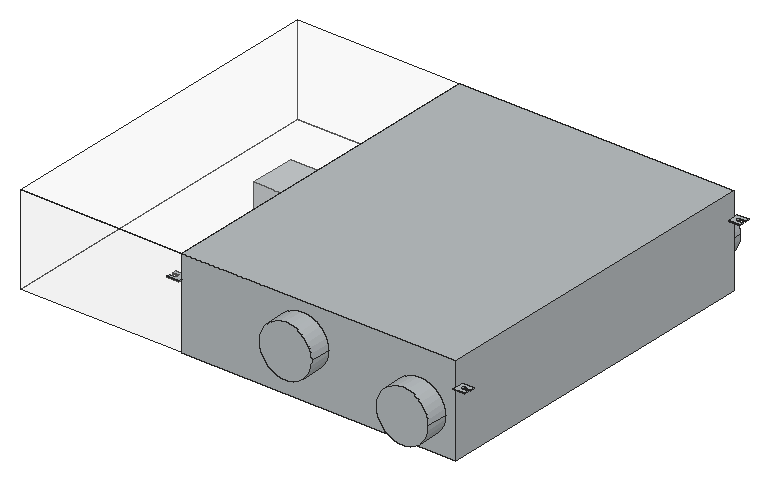
Revit family "lgh-n50_100rkx2(d)_rks2(d)_50Hz", category 機械設備, Revit 2019
Family settings
  丸型コネクタ寸法 = 直径を使用
  パーツ タイプ = 標準
  OmniClass 番号 = 23.75.10.34.21
  OmniClass タイトル = Heat Exchangers for Ventilation Air
  作業面ベース = いいえ
  常に垂直 = はい
  ロード時にボイドで切り取り = いいえ
  共有 = いいえ
  部屋計算ポイント = はい
Parameters (values of type "LGH-N50RKS2")
  騒音レベル(dB(A)) = 34.5
  風量 = MAX風量  # 500.0 m³/h
  面風速 = 4.4 m/s
  電源種別 [instance] = ""
  電圧 = 100 V
  電動機出力 = 0 W
  集中コントローラ = ""
  運転質量 = 0.00 kg
  連動 [instance] = ""
  質量 = if(製品質量 > 運転質量, 製品質量, 運転質量) * 1.2  # 60.00 kg
  負荷分類 = 3_ファン類
  説明 = "業務用ロスナイ 天井埋込形加湿付"
  設計風量 = 0.0 m³/h
  設置方法 = "天井吊(隠ぺい)形"
  記号 [instance] = ""
  製造元 = "三菱電機株式会社"
  製品質量 = 50.00 kg
  製品出荷対象 = "国内"
  製品リリース年月 = "2015/1/30"
  製品グループ = ""
  給水管_D = 358 mm
  給水管_H = 92 mm
  給水管_Depth = 10 mm
  系統 [instance] = ""
  符号 = "HEU"
  積算_科目 = "1 空気調和設備"
  積算_拾い区分 [instance] = ""
  相 = 1
  盤記号 [instance] = ""
  発停方法 [instance] = ""
  特殊仕様 [instance] = ""
  点検口高さ = -Height  # -331 mm
  点検口離隔 = 150 mm
  点検口2_Width = 点検口2_Depth  # 450 mm
  点検口1_Width = 点検口1_Depth  # 450 mm
  点検口2_Depth = 450 mm
  点検口1_Depth = 450 mm
  点検口1_Center = 444 mm
  点検口 = yes
  火災停止 [instance] = ""
  温度交換効率 = 74.00%
  消費電力_加湿器 = 0 W
  消費電力 = 285 W
  法定耐用年数 = "15"
  機外静圧_排気 = 105.0 Pa
  機外静圧 = 105.0 Pa
  極数 = 2
  材質 [instance] = ""
  本体マテリアル = 溶融亜鉛めっき鋼板
  有効加湿量 = 1.4
  操作・制御方式 = ""
  操作・制御スイッチ = ""
  排気量 = 0.0 m³/h
  形式_加湿器 = ""
  形式 = "天井埋込ダクト形"
  幹線記号 [instance] = ""
  対象室 [instance] = ""
  実風量 = 0.0 m³/h
  始動方式 [instance] = "直入"
  天吊金具_径 = 6.5 mm
  天吊金具_幅 = 20 mm
  外気量 = 設計風量  # 0.0 m³/h
  呼称 = "全熱交換ユニット"
  周波数 = 50 Hz
  吊りボルトピッチ2 = 1275 mm
  吊りボルトピッチ1 = 1064 mm
  吊りボルト_高さ = 85 mm
  参照している仕様書等のバージョン = ""
  加湿給水管径 = 21.7 mm
  初期抵抗 = 0.0 Pa
  分類コード = "50052504100070"
  分類グループ = ""
  価格 = 497000
  企業コード = "108420"
  付属品_フィルター_還気 = ""
  付属品_フィルター = ""
  付属品 [instance] = ""
  仕様書バージョン = "Version1.0"
  モデル = "LGH-N50RKS2"
  メンテナンススペース = yes
  ドレン管径 = 32 mm
  ドレン管_D = 307 mm
  ドレン管_H = 25 mm
  ドレン管_Depth = 10 mm
  コメント [instance] = ""
  Keynote = ""
  エンタルピ交換効率_暖房 = 68.50%
  エンタルピ交換効率_冷房 = 68.00%
  Assembly Code = ""
  Width = 1016 mm
  Version = ""
  Uniclass2015Version = "Systems v1.9"
  Uniclass2015Title = "Thermal wheels"
  Uniclass2015Code = "Pr_60_60_36_88"
  URL = "https://www.mitsubishielectric.co.jp/ldg/wink/ssl/displayProduct.do?pid=254501"
  SpecificationReference = ""
  SpecificationDescription = ""
  SMAX風量 = 500.0 m³/h
  SMAX静圧 = 105.0 Pa
  SAサイズ_W = 0 mm
  SAサイズ_D = 192 mm
  Revision = ""
  RAサイズ_W = 0 mm
  RAサイズ_D = 192 mm
  ProductInformation = ""
  OmniClassCode = "23-27 23 19 11"
  OAダクト接続口方向_標準 = yes
  OAダクト接続口方向_変更 = not(OAダクト接続口方向_標準)  # no
  OAサイズ_W = 0 mm
  OAサイズ_D = 192 mm
  MIN風量 = 235.0 m³/h
  MIN静圧 = 12.0 Pa
  MID風量 = 380.0 m³/h
  MID静圧 = 50.0 Pa
  MAX風量 = 500.0 m³/h
  MAX静圧 = 90.0 Pa
  IfcTypeProduct = ""
  IfcProduct = ""
  IfcExportType = "ROTARYWHEEL"
  IfcExportAs = "IfcAirToAirHeatRecoveryType"
  Height = 331 mm
  EAダクト接続口方向_標準 = yes
  EAダクト接続口方向_変更 = not(EAダクト接続口方向_標準)  # no
  EAサイズ_W = 0 mm
  EAサイズ_D = 192 mm
  Duct_Width_RA = 373 mm
  Duct_Pitch_SA_RA = 434 mm
  Duct_Pitch_OA_EA = 745 mm
  Duct_Height_SA = 199 mm
  Duct_Height = 135 mm
  Duct_Depth = 79 mm
  Duct_Change_Center = 124 mm
  Depth = 1288 mm
  Clearance Top = 0 mm
  Clearance Left = 600 mm
  Clearance Bottom = 0 mm
  Box_Depth = 172 mm
  Box_Height = 262 mm
  Box_H = 12 mm
  Box_Width = 115 mm
  Box_D = 476 mm
  Author = "三菱電機株式会社"
Types (16, lengths in mm): name | 騒音レベル(dB(A)) | 風量 | 面風速 | 電圧 | 質量 | 製品質量 | 給水管_D | 給水管_H | 点検口高さ | 点検口1_Center | 温度交換効率 | 消費電力 | 機外静圧_排気 | 機外静圧 | 極数 | 有効加湿量 | 天吊金具_径 | 天吊金具_幅 | 吊りボルトピッチ2 | 吊りボルトピッチ1 | 吊りボルト_高さ | 参照している仕様書等のバージョン | 価格 | モデル | ドレン管_D | ドレン管_H | エンタルピ交換効率_暖房 | エンタルピ交換効率_冷房 | Width | URL | SMAX風量 | SMAX静圧 | SAサイズ_D | RAサイズ_D | OAサイズ_D | MIN風量 | MIN静圧 | MID風量 | MID静圧 | MAX風量 | MAX静圧 | Height | EAサイズ_D | Duct_Width_RA | Duct_Pitch_SA_RA | Duct_Pitch_OA_EA | Duct_Height_SA | Duct_Height | Duct_Change_Center | Depth | Clearance Top | Box_H | Box_D
  LGH-N50RKS2 | 34.5 | 500.0 m³/h | 4.4 m/s | 100 V | 60.00 kg | 50.00 kg | 358 | 92 | -331 | 444 | 74.00% | 285 W | 105.0 Pa | 105.0 Pa | 2 | 1.4 | 6.5 | 20 | 1275 | 1064 | 85 | "" | 497000 | "LGH-N50RKS2" | 307 | 25 | 68.50% | 68.00% | 1016 | "https://www.mitsubishielectric.co.jp/ldg/wink/ssl/displayProduct.do?pid=254501" | 500.0 m³/h | 105.0 Pa | 192 | 192 | 192 | 235.0 m³/h | 12.0 Pa | 380.0 m³/h | 50.0 Pa | 500.0 m³/h | 90.0 Pa | 331 | 192 | 373 | 434 | 745 | 199 | 135 | 124 | 1288 | 0 | 12 | 476
  LGH-N50RKS2D | 34.5 | 500.0 m³/h | 4.4 m/s | 200 V | 60.00 kg | 50.00 kg | 358 | 92 | -331 | 444 | 74.00% | 283 W | 105.0 Pa | 105.0 Pa | 3 | 1.4 | 6.5 | 20 | 1275 | 1064 | 85 | "" | 497000 | "LGH-N50RKS2D" | 307 | 25 | 68.50% | 68.00% | 1016 | "https://www.mitsubishielectric.co.jp/ldg/wink/ssl/displayProduct.do?pid=254502" | 500.0 m³/h | 105.0 Pa | 192 | 192 | 192 | 210.0 m³/h | 10.0 Pa | 340.0 m³/h | 45.0 Pa | 500.0 m³/h | 90.0 Pa | 331 | 192 | 373 | 434 | 745 | 199 | 135 | 124 | 1288 | 0 | 12 | 476
  LGH-N50RKX2 | 34.5 | 500.0 m³/h | 4.4 m/s | 100 V | 60.00 kg | 50.00 kg | 358 | 92 | -331 | 444 | 74.00% | 285 W | 105.0 Pa | 105.0 Pa | 2 | 1.4 | 6.5 | 20 | 1275 | 1064 | 85 | "公共建築工事標準仕様書（機械設備工事編）平成31年度版" | 704000 | "LGH-N50RKX2" | 307 | 25 | 68.50% | 68.00% | 1016 | "https://www.mitsubishielectric.co.jp/ldg/wink/ssl/displayProduct.do?pid=254503" | 500.0 m³/h | 105.0 Pa | 192 | 192 | 192 | 235.0 m³/h | 12.0 Pa | 380.0 m³/h | 50.0 Pa | 500.0 m³/h | 90.0 Pa | 331 | 192 | 373 | 434 | 745 | 199 | 135 | 124 | 1288 | 0 | 12 | 476
  LGH-N50RKX2D | 34.5 | 500.0 m³/h | 4.4 m/s | 200 V | 60.00 kg | 50.00 kg | 358 | 92 | -331 | 444 | 74.00% | 283 W | 105.0 Pa | 105.0 Pa | 3 | 1.4 | 6.5 | 20 | 1275 | 1064 | 85 | "公共建築工事標準仕様書（機械設備工事編）平成31年度版" | 704000 | "LGH-N50RKX2D" | 307 | 25 | 68.50% | 68.00% | 1016 | "https://www.mitsubishielectric.co.jp/ldg/wink/ssl/displayProduct.do?pid=254504" | 500.0 m³/h | 105.0 Pa | 192 | 192 | 192 | 210.0 m³/h | 10.0 Pa | 340.0 m³/h | 45.0 Pa | 500.0 m³/h | 90.0 Pa | 331 | 192 | 373 | 434 | 745 | 199 | 135 | 124 | 1288 | 0 | 12 | 476
  LGH-N65RKS2 | 36.5 | 650.0 m³/h | 5.7 m/s | 100 V | 81.60 kg | 68.00 kg | 385 | 159 | -404 | 454 | 73.00% | 375 W | 135.0 Pa | 135.0 Pa | 2 | 1.84 | 6.5 | 30 | 1300 | 985 | 401 | "" | 564000 | "LGH-N65RKS2" | 190 | 23 | 68.50% | 67.50% | 954 | "https://www.mitsubishielectric.co.jp/ldg/wink/ssl/displayProduct.do?pid=254483" | 650.0 m³/h | 135.0 Pa | 192 | 192 | 192 | 280.0 m³/h | 21.0 Pa | 550.0 m³/h | 82.0 Pa | 650.0 m³/h | 115.0 Pa | 404 | 192 | 345 | 470 | 692 | 187 | 202 | 124 | 1390 | 300 | 13 | 543
  LGH-N65RKS2D | 36.5 | 650.0 m³/h | 5.7 m/s | 200 V | 81.60 kg | 68.00 kg | 385 | 159 | -404 | 454 | 73.00% | 375 W | 135.0 Pa | 135.0 Pa | 3 | 1.84 | 6.5 | 30 | 1300 | 985 | 401 | "" | 564000 | "LGH-N65RKS2D" | 190 | 23 | 68.50% | 67.50% | 954 | "https://www.mitsubishielectric.co.jp/ldg/wink/ssl/displayProduct.do?pid=254482" | 650.0 m³/h | 135.0 Pa | 192 | 192 | 192 | 265.0 m³/h | 19.0 Pa | 580.0 m³/h | 92.0 Pa | 650.0 m³/h | 115.0 Pa | 404 | 192 | 345 | 470 | 692 | 187 | 202 | 124 | 1390 | 300 | 13 | 543
  LGH-N65RKX2 | 36.5 | 650.0 m³/h | 5.7 m/s | 100 V | 81.60 kg | 68.00 kg | 385 | 159 | -404 | 454 | 73.00% | 375 W | 135.0 Pa | 135.0 Pa | 2 | 1.84 | 6.5 | 30 | 1300 | 985 | 401 | "公共建築工事標準仕様書（機械設備工事編）平成31年度版" | 797000 | "LGH-N65RKX2" | 190 | 23 | 68.50% | 67.50% | 954 | "https://www.mitsubishielectric.co.jp/ldg/wink/ssl/displayProduct.do?pid=254481" | 650.0 m³/h | 135.0 Pa | 192 | 192 | 192 | 280.0 m³/h | 21.0 Pa | 550.0 m³/h | 82.0 Pa | 650.0 m³/h | 115.0 Pa | 404 | 192 | 345 | 470 | 692 | 187 | 202 | 124 | 1390 | 300 | 13 | 543
  LGH-N65RKX2D | 36.5 | 650.0 m³/h | 5.7 m/s | 200 V | 81.60 kg | 68.00 kg | 385 | 159 | -404 | 454 | 73.00% | 375 W | 135.0 Pa | 135.0 Pa | 3 | 1.84 | 6.5 | 30 | 1300 | 985 | 401 | "公共建築工事標準仕様書（機械設備工事編）平成31年度版" | 797000 | "LGH-N65RKX2D" | 190 | 23 | 68.50% | 67.50% | 954 | "https://www.mitsubishielectric.co.jp/ldg/wink/ssl/displayProduct.do?pid=254480" | 650.0 m³/h | 135.0 Pa | 192 | 192 | 192 | 265.0 m³/h | 19.0 Pa | 580.0 m³/h | 92.0 Pa | 650.0 m³/h | 115.0 Pa | 404 | 192 | 345 | 470 | 692 | 187 | 202 | 124 | 1390 | 300 | 13 | 543
  LGH-N80RKS2 | 34.5 | 800.0 m³/h | 4.5 m/s | 100 V | 93.60 kg | 78.00 kg | 385 | 173 | -404 | 572 | 75.00% | 420 W | 135.0 Pa | 135.0 Pa | 2 | 2.21 | 7.5 | 30 | 1465 | 1043 | 401 | "" | 622000 | "LGH-N80RKS2" | 190 | 23 | 71.00% | 70.00% | 1004 | "https://www.mitsubishielectric.co.jp/ldg/wink/ssl/displayProduct.do?pid=254479" | 800.0 m³/h | 135.0 Pa | 242 | 242 | 242 | 280.0 m³/h | 15.0 Pa | 680.0 m³/h | 87.0 Pa | 800.0 m³/h | 120.0 Pa | 404 | 242 | 345 | 400 | 690 | 217 | 202 | 165 | 1572 | 300 | 126 | 571
  LGH-N80RKS2D | 34.5 | 800.0 m³/h | 4.5 m/s | 200 V | 93.60 kg | 78.00 kg | 385 | 173 | -404 | 572 | 75.00% | 445 W | 135.0 Pa | 135.0 Pa | 3 | 2.21 | 7.5 | 30 | 1465 | 1043 | 401 | "" | 622000 | "LGH-N80RKS2D" | 190 | 23 | 71.00% | 70.00% | 1004 | "https://www.mitsubishielectric.co.jp/ldg/wink/ssl/displayProduct.do?pid=254478" | 800.0 m³/h | 135.0 Pa | 242 | 242 | 242 | 320.0 m³/h | 19.0 Pa | 470.0 m³/h | 42.0 Pa | 800.0 m³/h | 120.0 Pa | 404 | 242 | 345 | 400 | 690 | 217 | 202 | 165 | 1572 | 300 | 126 | 571
  LGH-N80RKX2 | 34.5 | 800.0 m³/h | 4.5 m/s | 100 V | 93.60 kg | 78.00 kg | 385 | 173 | -404 | 572 | 75.00% | 420 W | 135.0 Pa | 135.0 Pa | 2 | 2.21 | 7.5 | 30 | 1465 | 1043 | 401 | "公共建築工事標準仕様書（機械設備工事編）平成31年度版" | 882000 | "LGH-N80RKX2" | 190 | 23 | 71.00% | 70.00% | 1004 | "https://www.mitsubishielectric.co.jp/ldg/wink/ssl/displayProduct.do?pid=254477" | 800.0 m³/h | 135.0 Pa | 242 | 242 | 242 | 280.0 m³/h | 15.0 Pa | 680.0 m³/h | 87.0 Pa | 800.0 m³/h | 120.0 Pa | 404 | 242 | 345 | 400 | 690 | 217 | 202 | 165 | 1572 | 300 | 126 | 571
  LGH-N80RKX2D | 34.5 | 800.0 m³/h | 4.5 m/s | 200 V | 93.60 kg | 78.00 kg | 385 | 173 | -404 | 572 | 75.00% | 445 W | 135.0 Pa | 135.0 Pa | 3 | 2.21 | 7.5 | 30 | 1465 | 1043 | 401 | "公共建築工事標準仕様書（機械設備工事編）平成31年度版" | 882000 | "LGH-N80RKX2D" | 190 | 23 | 71.00% | 70.00% | 1004 | "https://www.mitsubishielectric.co.jp/ldg/wink/ssl/displayProduct.do?pid=254476" | 800.0 m³/h | 135.0 Pa | 242 | 242 | 242 | 320.0 m³/h | 19.0 Pa | 470.0 m³/h | 42.0 Pa | 800.0 m³/h | 120.0 Pa | 404 | 242 | 345 | 400 | 690 | 217 | 202 | 165 | 1572 | 300 | 126 | 571
  LGH-N100RKS2-50 | 36 | 1000.0 m³/h | 5.7 m/s | 100 V | 108.00 kg | 90.00 kg | 385 | 173 | -404 | 572 | 75.00% | 530 W | 100.0 Pa | 100.0 Pa | 2 | 2.8 | 7.5 | 30 | 1465 | 1270 | 401 | "" | 755000 | "LGH-N100RKS2-50" | 190 | 23 | 71.00% | 70.00% | 1231 | "https://www.mitsubishielectric.co.jp/ldg/wink/ssl/displayProduct.do?pid=254474" | 1000.0 m³/h | 100.0 Pa | 242 | 242 | 242 | 370.0 m³/h | 11.0 Pa | 790.0 m³/h | 50.0 Pa | 1000.0 m³/h | 80.0 Pa | 404 | 242 | 459 | 560 | 917 | 237 | 162 | 165 | 1572 | 300 | 126 | 571
  LGH-N100RKS2D-50 | 36 | 1000.0 m³/h | 5.7 m/s | 200 V | 108.00 kg | 90.00 kg | 385 | 173 | -404 | 572 | 75.00% | 525 W | 100.0 Pa | 100.0 Pa | 3 | 2.8 | 7.5 | 30 | 1465 | 1270 | 401 | "" | 755000 | "LGH-N100RKS2D-50" | 190 | 23 | 71.00% | 70.00% | 1231 | "https://www.mitsubishielectric.co.jp/ldg/wink/ssl/displayProduct.do?pid=254484" | 1000.0 m³/h | 100.0 Pa | 242 | 242 | 242 | 400.0 m³/h | 14.0 Pa | 790.0 m³/h | 50.0 Pa | 1000.0 m³/h | 80.0 Pa | 404 | 242 | 459 | 560 | 917 | 237 | 162 | 165 | 1572 | 300 | 126 | 571
  LGH-N100RKX2-50 | 36 | 1000.0 m³/h | 5.7 m/s | 100 V | 108.00 kg | 90.00 kg | 385 | 173 | -404 | 572 | 75.00% | 530 W | 100.0 Pa | 100.0 Pa | 2 | 2.8 | 7.5 | 30 | 1465 | 1270 | 401 | "" | 1062000 | "LGH-N100RKX2-50" | 190 | 23 | 71.00% | 70.00% | 1231 | "https://www.mitsubishielectric.co.jp/ldg/wink/ssl/displayProduct.do?pid=254486" | 1000.0 m³/h | 100.0 Pa | 242 | 242 | 242 | 370.0 m³/h | 11.0 Pa | 790.0 m³/h | 50.0 Pa | 1000.0 m³/h | 80.0 Pa | 404 | 242 | 459 | 560 | 917 | 237 | 162 | 165 | 1572 | 300 | 126 | 571
  LGH-N100RKX2D-50 | 36 | 1000.0 m³/h | 5.7 m/s | 200 V | 108.00 kg | 90.00 kg | 385 | 173 | -404 | 572 | 75.00% | 525 W | 100.0 Pa | 100.0 Pa | 3 | 2.8 | 7.5 | 30 | 1465 | 1270 | 401 | "" | 1062000 | "LGH-N100RKX2D-50" | 190 | 23 | 71.00% | 70.00% | 1231 | "https://www.mitsubishielectric.co.jp/ldg/wink/ssl/displayProduct.do?pid=254488" | 1000.0 m³/h | 100.0 Pa | 242 | 242 | 242 | 400.0 m³/h | 14.0 Pa | 790.0 m³/h | 50.0 Pa | 1000.0 m³/h | 80.0 Pa | 404 | 242 | 459 | 560 | 917 | 237 | 162 | 165 | 1572 | 300 | 126 | 571
Reference planes
  plane 1 "中心(正面/背面)": y = 0
  plane 2: z = 0
  plane 3 "中心(左/右)": x = 0
  plane 4: x = -508
  plane 5: x = 508
  plane 6: y = 644
  plane 7: y = -644
  plane 8: z = -331
  plane 9: z = -196
  plane 10: z = -132
  plane 11: x = 373
  plane 12: x = -61
  plane 13: y = -723
  plane 14: y = 723
  plane 15: x = -372.5
  plane 16: x = 372.5
  plane 17: y = -168
  plane 18: z = -12
  plane 19: y = 4
  plane 20: z = -274
  plane 21: x = -623
  plane 22: y = -337
  plane 23: y = -286
  plane 24: z = -306
  plane 25: z = -239
  plane 26: x = -518
  plane 27: x = -518
  plane 28: y = 520
  plane 29: x = -587
  plane 30: x = 587
  plane 31: x = -1108
  plane 32: z = -331
  plane 33: y = -194
  plane 34: x = -658
  plane 35: y = 425
  plane 36: x = -532
  plane 37: x = 532
  plane 38: y = -637.5
  plane 39: y = 637.5
  plane 40: y = 200
  plane 41: y = -25
  plane 42: x = -552
  plane 43: x = 552
  plane 44: y = 617.5
  plane 45: y = 657.5
  plane 46: z = -85
  plane 47: z = -88
  plane 48: y = -617.5
  plane 49: y = -657.5
  plane 50: z = 0
Forms (mm)
  Extrusion 1, solid, material "溶融亜鉛めっき鋼板" <- "本体マテリアル", detail levels fine
    sketch origin (0, 0, 0) x (1, 0, 0) y (0, 1, 0)
      loop
        line (-508, 644) -> (-508, -644) -> (508, -644) -> (508, 644) -> (-508, 644)
    from 0 to -331
  Extrusion 2, solid, material "溶融亜鉛めっき鋼板" <- "本体マテリアル", detail levels fine
    sketch origin (0, 0, 0) x (1, 0, 0) y (0, 0, 1)
      loop
        circle (-61, -132) r 96
    from 644 to 723
  Extrusion 3, solid, material "溶融亜鉛めっき鋼板" <- "本体マテリアル", visible <- "OAダクト接続口方向_標準", detail levels fine
    sketch origin (0, 0, 0) x (1, 0, 0) y (0, 0, 1)
      loop
        circle (-372.5, -196) r 96
    from -723 to -644
  Extrusion 4, solid, material "溶融亜鉛めっき鋼板" <- "本体マテリアル", visible <- "EAダクト接続口方向_標準", detail levels fine
    sketch origin (0, 0, 0) x (1, 0, 0) y (0, 0, 1)
      loop
        circle (372.5, -196) r 96
    from -723 to -644
  Extrusion 5, solid, material "溶融亜鉛めっき鋼板" <- "本体マテリアル", detail levels fine
    sketch origin (0, 0, 0) x (0, 1, 0) y (0, 0, 1)
      loop
        line (-168, -12) -> (-168, -274) -> (4, -274) -> (4, -12) -> (-168, -12)
    from -623 to -508
  Extrusion 6, solid, material "溶融亜鉛めっき鋼板" <- "本体マテリアル", detail levels fine
    sketch origin (0, 0, 0) x (0, 1, 0) y (0, 0, 1)
      loop
        circle (-337, -306) r 16
    from -518 to -508
  Extrusion 7, solid, material "溶融亜鉛めっき鋼板" <- "本体マテリアル", detail levels fine
    sketch origin (0, 0, 0) x (0, 1, 0) y (0, 0, 1)
      loop
        circle (-286, -239) r 10.85
    from -518 to -508
  Extrusion 8, solid, material "溶融亜鉛めっき鋼板" <- "本体マテリアル", visible <- "OAダクト接続口方向_変更", detail levels fine
    sketch origin (0, 0, 0) x (0, 1, 0) y (0, 0, 1)
      loop
        circle (520, -196) r 96
    from -587 to -508
  Extrusion 9, solid, material "溶融亜鉛めっき鋼板" <- "本体マテリアル", visible <- "EAダクト接続口方向_変更", detail levels fine
    sketch origin (0, 0, 0) x (0, 1, 0) y (0, 0, 1)
      loop
        circle (520, -196) r 96
    from 508 to 587
  Extrusion 10, solid, material "溶融亜鉛めっき鋼板" <- "本体マテリアル", detail levels fine
    sketch origin (0, 0, 0) x (1, 0, 0) y (0, 1, 0)
      loop
        line (-508, 657.5) -> (-552, 657.5) -> (-552, 644) -> (-532, 644)
        arc (-532, 644) -> (-525.5, 637.5) -> (-532, 631) r 6.5
        line (-532, 631) -> (-552, 631) -> (-552, 617.5) -> (-508, 617.5) -> (-508, 657.5)
    from -85 to -88
  Extrusion 11, solid, material "溶融亜鉛めっき鋼板" <- "本体マテリアル", detail levels fine
    sketch origin (0, 0, 0) x (-1, 0, 0) y (0, -1, 0)
      loop
        line (-508, -657.5) -> (-508, -617.5) -> (-552, -617.5) -> (-552, -631) -> (-532, -631)
        arc (-532, -631) -> (-525.5, -637.5) -> (-532, -644) r 6.5
        line (-532, -644) -> (-552, -644) -> (-552, -657.5) -> (-508, -657.5)
    from -85 to -88
  Extrusion 12, solid, material "溶融亜鉛めっき鋼板" <- "本体マテリアル", detail levels fine
    sketch origin (0, 0, 0) x (-1, 0, 0) y (0, -1, 0)
      loop
        line (-508, 657.5) -> (-552, 657.5) -> (-552, 644) -> (-532, 644)
        arc (-532, 644) -> (-525.5, 637.5) -> (-532, 631) r 6.5
        line (-532, 631) -> (-552, 631) -> (-552, 617.5) -> (-508, 617.5) -> (-508, 657.5)
    from -85 to -88
  Extrusion 13, solid, material "溶融亜鉛めっき鋼板" <- "本体マテリアル", detail levels fine
    sketch origin (0, 0, 0) x (1, 0, 0) y (0, 1, 0)
      loop
        line (-508, -657.5) -> (-508, -617.5) -> (-552, -617.5) -> (-552, -631) -> (-532, -631)
        arc (-532, -631) -> (-525.5, -637.5) -> (-532, -644) r 6.5
        line (-532, -644) -> (-552, -644) -> (-552, -657.5) -> (-508, -657.5)
    from -85 to -88
  Extrusion 14, solid, material "溶融亜鉛めっき鋼板" <- "本体マテリアル", detail levels fine
    sketch origin (0, 0, 0) x (1, 0, 0) y (0, 0, 1)
      loop
        circle (373, -196) r 96
    from 644 to 723
Lines and regions (mm)
  Masking region 1, detail levels coarse+medium
    outline origin (0, 0, 0) x (1, 0, 0) y (0, 1, 0)
      loop
        line (-508, 644) -> (-508, -644) -> (508, -644) -> (508, 644) -> (-508, 644)
  symbolic lines, detail levels coarse+medium
    curve 1: line (-1.977, 641.477, 0) -> (-508, 0, 0)
    curve 2: line (-508, 0, 0) -> (1.977, -641.477, 0)
    curve 3: line (1.977, -641.477, 0) -> (508, 0, 0)
    curve 4: line (508, 0, 0) -> (-1.977, 641.477, 0)
Dimensions and locks
  equal spacing: plane 4, plane 3 "中心(左/右)", plane 5
  "Width": plane 4 to plane 5
  equal spacing: plane 6, plane 1 "中心(正面/背面)", plane 7
  "Depth": plane 6 to plane 7
  "Height": level to plane 8
  "Duct_Height": plane 9 to plane 8
  "Duct_Height_SA": plane 10 to plane 8
  "Duct_Width_RA": plane 11 to plane 3 "中心(左/右)"
  "Duct_Pitch_SA_RA": plane 11 to plane 12
  "Duct_Depth": plane 7 to plane 13
  "Duct_Depth": plane 6 to plane 14
  equal spacing: plane 15, plane 3 "中心(左/右)", plane 16
  "Duct_Pitch_OA_EA": plane 15 to plane 16
  "Box_D": plane 17 to plane 7
  "Box_Depth": plane 19 to plane 17
  "Box_Height": plane 18 to plane 20
  "Box_Width": plane 21 to plane 4
  "ドレン管_D": plane 22 to plane 7
  "給水管_D": plane 23 to plane 7
  "ドレン管_H": plane 8 to plane 24
  "給水管_H": plane 8 to plane 25
  "給水管_Depth": plane 26 to plane 4
  "ドレン管_Depth": plane 27 to plane 4
  "Duct_Change_Center": plane 6 to plane 28
  "Duct_Depth": plane 29 to plane 4
  "Duct_Depth": plane 5 to plane 30
  "Clearance Left": plane 31 to plane 4
  "点検口2_Depth": plane 33 to plane 7
  "点検口離隔": plane 34 to plane 4
  equal spacing: plane 36, plane 3 "中心(左/右)", plane 37
  "吊りボルトピッチ1": plane 36 to plane 37
  equal spacing: plane 39, plane 1 "中心(正面/背面)", plane 38
  "吊りボルトピッチ2": plane 39 to plane 38
  "点検口1_Center": plane 6 to plane 40
  equal spacing: plane 41, plane 40, plane 35
  "点検口1_Depth": plane 35 to plane 41
  "天吊金具_幅": plane 42 to plane 36
  "天吊金具_幅": plane 37 to plane 43
  locked: plane 45 to plane 44 at 40
  equal spacing: plane 45, plane 39, plane 44
  "吊りボルト_高さ": level to plane 46
  locked: plane 46 to plane 47 at 3
  locked: plane 49 to plane 48 at 40
  equal spacing: plane 49, plane 38, plane 48
  "Box_H": level to plane 18
  "Clearance Bottom": plane 8 to plane 32
  "Clearance Top": plane 50 to level
  "SAサイズ_D": diameter of Extrusion 2 sketch curve
  "OAサイズ_D": diameter of Extrusion 3 sketch curve
  "EAサイズ_D": diameter of Extrusion 4 sketch curve
  "ドレン管径": diameter of Extrusion 6 sketch curve
  "加湿給水管径": diameter of Extrusion 7 sketch curve
  "OAサイズ_D": diameter of Extrusion 8 sketch curve
  "EAサイズ_D": diameter of Extrusion 9 sketch curve
  "天吊金具_径": radius of Extrusion 10 sketch curve
  "天吊金具_径": radius of Extrusion 11 sketch curve
  "天吊金具_径": radius of Extrusion 12 sketch curve
  "天吊金具_径": radius of Extrusion 13 sketch curve
  "RAサイズ_D": diameter of Extrusion 14 sketch curve
  aligned and locked: level to plane 2
  aligned and locked: Masking region 1 to plane 7
  aligned and locked: Masking region 1 to plane 4
  aligned and locked: plane 6 to Masking region 1
  aligned and locked: plane 5 to Masking region 1
  aligned and locked: Extrusion 1 to plane 8
  aligned and locked: plane 7 to Extrusion 2
  aligned and locked: Extrusion 4 to plane 14
  aligned and locked: Extrusion 3 to plane 14
  aligned and locked: Extrusion 3 to plane 6
  aligned and locked: Extrusion 4 to plane 6
  aligned and locked: Extrusion 5 to plane 21
  aligned and locked: Extrusion 5 to plane 20
  aligned and locked: plane 17 to Extrusion 5
  aligned and locked: Extrusion 5 to plane 19
  aligned and locked: plane 18 to Extrusion 5
  aligned and locked: plane 4 to Extrusion 7
  aligned and locked: Extrusion 7 to plane 26
  aligned and locked: Extrusion 6 to plane 27
  aligned and locked: plane 4 to Extrusion 6
  aligned and locked: Extrusion 8 to plane 29
  aligned and locked: plane 4 to Extrusion 8
  aligned and locked: plane 30 to Extrusion 9
  aligned and locked: Extrusion 9 to plane 5
  aligned and locked: plane 32 to nested 1
  aligned and locked: plane 4 to nested 1
  aligned and locked: plane 31 to nested 1
  aligned and locked: nested 1 to plane 6
  aligned and locked: nested 1 to plane 7
  aligned and locked: plane 37 to nested 2
  aligned and locked: plane 39 to nested 2
  aligned and locked: nested 2 to plane 38
  aligned and locked: plane 36 to nested 2
  aligned and locked: plane 34 to nested 3
  aligned and locked: nested 3 to plane 35
  aligned and locked: plane 34 to nested 4
  aligned and locked: plane 7 to nested 4
  aligned and locked: plane 33 to nested 4
  aligned and locked: plane 41 to nested 3
  aligned and locked: Extrusion 10 to plane 42  (x2)
  aligned and locked: Extrusion 10 to plane 45
  aligned and locked: Extrusion 10 to plane 44
  aligned and locked: Extrusion 10 to Masking region 1
  aligned and locked: Extrusion 10 to plane 46
  aligned and locked: Extrusion 10 to plane 47
  aligned and locked: Extrusion 11 to plane 43  (x2)
  aligned and locked: Extrusion 11 to plane 45
  aligned and locked: Extrusion 11 to plane 44
  aligned and locked: Extrusion 11 to Masking region 1
  aligned and locked: Extrusion 12 to plane 49
  aligned and locked: Extrusion 12 to plane 48
  aligned and locked: Extrusion 13 to plane 49
  aligned and locked: Extrusion 13 to plane 42  (x2)
  aligned and locked: Extrusion 13 to plane 48
  aligned and locked: Extrusion 13 to Masking region 1
  aligned and locked: Extrusion 13 to Extrusion 10  (x2)
  aligned and locked: Extrusion 12 to plane 47
  aligned and locked: plane 46 to Extrusion 12
  aligned and locked: plane 46 to Extrusion 11
  aligned and locked: Extrusion 11 to plane 47
  aligned and locked: Extrusion 5 to Masking region 1
  aligned and locked: Extrusion 2 to plane 13
  aligned and locked: Extrusion 2 to Extrusion 14
  aligned and locked: Extrusion 14 to Masking region 1
  aligned and locked: plane 50 to nested 1
Automatic sketch dimensions
  plane 1 "中心(正面/背面)" to curve 1 = 0 mm
  curve 1 to plane 4 = 0 mm
  plane 1 "中心(正面/背面)" to curve 4 = 0 mm
  curve 4 to plane 5 = 0 mm
  curve 4 to plane 3 "中心(左/右)" = 1.977 mm
  plane 3 "中心(左/右)" to curve 3 = 1.977 mm
  plane 7 to curve 3 = 2.523 mm
  curve 4 to plane 6 = 2.523 mm
  Masking region 1 sketch curve to plane 4 = 0 mm
  Masking region 1 sketch curve to plane 5 = 0 mm
  Masking region 1 sketch curve to plane 7 = 0 mm
  Masking region 1 sketch curve to plane 6 = 0 mm
  Extrusion 1 sketch curve to plane 4 = 0 mm
  Extrusion 1 sketch curve to plane 5 = 0 mm
  Extrusion 1 sketch curve to plane 7 = 0 mm
  Extrusion 1 sketch curve to plane 6 = 0 mm
  Extrusion 2 sketch curve to plane 10 = 0 mm
  Extrusion 2 sketch curve to plane 12 = 0 mm
  Extrusion 3 sketch curve to plane 9 = 0 mm
  plane 15 to Extrusion 3 sketch curve = 0 mm
  Extrusion 4 sketch curve to plane 9 = 0 mm
  plane 16 to Extrusion 4 sketch curve = 0 mm
  Extrusion 5 sketch curve to plane 17 = 0 mm
  Extrusion 5 sketch curve to plane 19 = 0 mm
  Extrusion 5 sketch curve to plane 20 = 0 mm
  Extrusion 5 sketch curve to plane 18 = 0 mm
  Extrusion 6 sketch curve to plane 22 = 0 mm
  plane 24 to Extrusion 6 sketch curve = 0 mm
  Extrusion 7 sketch curve to plane 23 = 0 mm
  plane 25 to Extrusion 7 sketch curve = 0 mm
  Extrusion 8 sketch curve to plane 9 = 0 mm
  Extrusion 8 sketch curve to plane 28 = 0 mm
  Extrusion 9 sketch curve to plane 9 = 0 mm
  Extrusion 9 sketch curve to plane 28 = 0 mm
  Extrusion 14 sketch curve to plane 9 = 0 mm
  Extrusion 14 sketch curve to plane 11 = 0 mm
  Extrusion 10 sketch curve to plane 42 = 0 mm  (x2)
  Extrusion 10 sketch curve to plane 36 = 0 mm
  Extrusion 10 sketch curve to plane 4 = 0 mm
  Extrusion 10 sketch curve to plane 44 = 0 mm
  Extrusion 10 sketch curve to plane 39 = 0 mm
  plane 45 to Extrusion 10 sketch curve = 0 mm
  Extrusion 11 sketch curve to plane 43 = 0 mm  (x2)
  Extrusion 11 sketch curve to plane 37 = 0 mm
  Extrusion 11 sketch curve to plane 5 = 0 mm
  Extrusion 11 sketch curve to plane 44 = 0 mm
  Extrusion 11 sketch curve to plane 39 = 0 mm
  plane 45 to Extrusion 11 sketch curve = 0 mm
  Extrusion 12 sketch curve to plane 43 = 0 mm  (x2)
  Extrusion 12 sketch curve to plane 37 = 0 mm
  Extrusion 12 sketch curve to plane 5 = 0 mm
  plane 48 to Extrusion 12 sketch curve = 0 mm
  Extrusion 12 sketch curve to plane 38 = 0 mm
  Extrusion 12 sketch curve to plane 49 = 0 mm
  Extrusion 13 sketch curve to plane 42 = 0 mm  (x2)
  Extrusion 13 sketch curve to plane 36 = 0 mm
  Extrusion 13 sketch curve to plane 4 = 0 mm
  plane 48 to Extrusion 13 sketch curve = 0 mm
  Extrusion 13 sketch curve to plane 38 = 0 mm
  Extrusion 13 sketch curve to plane 49 = 0 mm
Nested families
  nested 1: "メンテナンススペース" at (-808, 0, -165.5), visible <- "メンテナンススペース", type "メンテナンススペース"
    with Width 600 mm, Height 331 mm, Depth 1288 mm
  nested 2: "固定点" at (-532, -637.5, 0), type "固定点"
    with W 1064 mm, D 1275 mm
  nested 3: "点検口設置範囲" at (-883, 200, -331), Width <- "点検口1_Width", built-in parameter 1001364 <- "点検口高さ", visible <- "点検口", type "点検口設置範囲"
    with Width 450 mm, Depth 450 mm
  nested 4: "点検口設置範囲" at (-883, -419, -331), Width <- "点検口2_Width", built-in parameter 1001364 <- "点検口高さ", visible <- "点検口", type "点検口設置範囲"
    with Width 450 mm, Depth 450 mm
Connectors
  electrical at (-565.5, -168, -143), driven by "極数", driven by "負荷分類", driven by "電圧", driven by "消費電力"
    settings: on Extrusion 5, index 1, voltage 100 V, apparent load 285 VA, apparent load phase1 0 VA, apparent load phase2 0 VA, apparent load phase3 0 VA, power factor 1, load classification "3_ファン類", number of poles 2, system type 30, power factor state 1, is connector primary yes, connector utility no, sub classification motor no, connector description ""
  piping at (-518, -286, -239), diameter 21.7, driven by "加湿給水管径"
    settings: on Extrusion 7, index 3, connector inside diameter 609.6 mm, connector length 0 mm, flow factor 0, pipe flow 0.0 L/s, pressure drop 0.0 Pa, fitting loss kfactor 0, connector angle 0.00°, fixture units 0, engagement length 0 mm, angle of deflection 0.00°, flow configuration 0, flow direction 1, fitting loss method 0, system type 19, joint type 0, gender type 0, connector reference index -1, connector utility 0, adjustable connector no, is connector primary yes, connector description ""
  piping at (-518, -337, -306), diameter 32, driven by "ドレン管径"
    settings: on Extrusion 6, index 5, connector inside diameter 609.6 mm, connector length 0 mm, flow factor 0, pipe flow 0.0 L/s, pressure drop 0.0 Pa, fitting loss kfactor 0, connector angle 0.00°, fixture units 0, engagement length 0 mm, angle of deflection 0.00°, flow configuration 0, flow direction 2, fitting loss method 0, system type 16, joint type 0, gender type 0, connector reference index -1, connector utility 0, adjustable connector no, is connector primary no, connector description ""
  hvac at (-61, -723, -132), driven by "SAサイズ_D", driven by "MAX静圧", driven by "風量"
    settings: on Extrusion 2, index 6, duct flow 500.0 m³/h, flow factor 0, pres drop 90.0 Pa, loss coef 0, conn angle 0.00°, conn width 304.8 mm, conn height 304.8 mm, conn diameter 192 mm, duct sys type 1, conn prof type 0, flow config 1, flow direction 2, loss method 4, conn ref index -1, conn util no, is conn primary yes, conn desc ""
  hvac at (372.5, 723, -196), driven by "機外静圧_排気", driven by "排気量", driven by "EAサイズ_D"
    settings: on Extrusion 4, index 8, duct flow 0.0 m³/h, flow factor 0, pres drop 105.0 Pa, loss coef 0, conn angle 0.00°, conn width 304.8 mm, conn height 304.8 mm, conn diameter 192 mm, duct sys type 3, conn prof type 0, flow config 0, flow direction 2, loss method 4, conn ref index -1, conn util no, is conn primary no, conn desc ""
  hvac at (-372.5, 723, -196), driven by "機外静圧", driven by "外気量", driven by "OAサイズ_D"
    settings: on Extrusion 3, index 9, duct flow 0.0 m³/h, flow factor 0, pres drop 105.0 Pa, loss coef 0, conn angle 0.00°, conn width 304.8 mm, conn height 304.8 mm, conn diameter 192 mm, duct sys type 4, conn prof type 0, flow config 0, flow direction 1, loss method 4, conn ref index -1, conn util no, is conn primary no, conn desc ""
  hvac at (-587, 520, -196), driven by "OAサイズ_D", driven by "機外静圧", driven by "風量"
    settings: on Extrusion 8, index 10, duct flow 500.0 m³/h, flow factor 0, pres drop 105.0 Pa, loss coef 0, conn angle 0.00°, conn width 304.8 mm, conn height 304.8 mm, conn diameter 192 mm, duct sys type 3, conn prof type 0, flow config 0, flow direction 1, loss method 4, conn ref index -1, conn util no, is conn primary no, conn desc ""
  hvac at (587, 520, -196), driven by "EAサイズ_D", driven by "機外静圧_排気", driven by "排気量"
    settings: on Extrusion 9, index 11, duct flow 0.0 m³/h, flow factor 0, pres drop 105.0 Pa, loss coef 0, conn angle 0.00°, conn width 304.8 mm, conn height 304.8 mm, conn diameter 192 mm, duct sys type 3, conn prof type 0, flow config 0, flow direction 2, loss method 4, conn ref index -1, conn util no, is conn primary no, conn desc ""
  hvac at (373, -723, -196), driven by "RAサイズ_D", driven by "機外静圧", driven by "風量"
    settings: on Extrusion 14, index 12, duct flow 500.0 m³/h, flow factor 0, pres drop 105.0 Pa, loss coef 0, conn angle 0.00°, conn width 304.8 mm, conn height 304.8 mm, conn diameter 192 mm, duct sys type 2, conn prof type 0, flow config 0, flow direction 1, loss method 4, conn ref index -1, conn util no, is conn primary no, conn desc ""
Definition of nested family "メンテナンススペース"
  Parameters (values of type "メンテナンススペース")
    Width [instance] = 500 mm
    Height [instance] = 500 mm
    Depth [instance] = 500 mm
  Reference planes
    plane 1 "中心(正面/背面)": y = 0
    plane 2: z = 0
    plane 3 "中心(左/右)": x = 0
    plane 4: y = -250
    plane 5: x = 250
    plane 6: y = 250
    plane 7: x = -250
    plane 8: z = 250
    plane 9: z = -250
  Forms (mm)
    Extrusion 1, solid
      sketch origin (-638.939, 0, 72.39) x (1, 0, 0) y (0, 1, 0)
        loop
          line (388.939, 250) -> (388.939, -250) -> (888.939, -250) -> (888.939, 250) -> (388.939, 250)
      from -322.39 to 177.61
  Lines and regions (mm)
    symbolic lines
      curve 1: line (-250, 0, 250) -> (250, 0, 250)
      curve 2: line (-250, 0, -250) -> (-250, 0, 250)
      curve 3: line (250, 0, -250) -> (-250, 0, -250)
      curve 4: line (250, 0, 250) -> (250, 0, -250)
      curve 5: line (0, -250, 250) -> (0, 250, 250)
      curve 6: line (0, -250, -250) -> (0, -250, 250)
      curve 7: line (0, 250, -250) -> (0, -250, -250)
      curve 8: line (0, 250, 250) -> (0, 250, -250)
      curve 9: line (-250, 250, 0) -> (250, 250, 0)
      curve 10: line (-250, -250, 0) -> (-250, 250, 0)
      curve 11: line (250, -250, 0) -> (-250, -250, 0)
      curve 12: line (250, 250, 0) -> (250, -250, 0)
  Dimensions and locks
    equal spacing: plane 7, plane 3 "中心(左/右)", plane 5
    equal spacing: plane 4, plane 1 "中心(正面/背面)", plane 6
    "Depth": plane 4 to plane 6
    "Width": plane 7 to plane 5
    equal spacing: plane 8, plane 2, plane 9
    "Height": plane 8 to plane 9
    aligned and locked: plane 9 to curve 3
    aligned and locked: plane 7 to curve 2
    aligned and locked: curve 4 to plane 5
    aligned and locked: plane 5 to Extrusion 1
    aligned and locked: Extrusion 1 to plane 7
    aligned and locked: Extrusion 1 to plane 9
    aligned and locked: plane 8 to Extrusion 1
    aligned and locked: plane 9 to curve 7
  Automatic sketch dimensions
    plane 4 to Extrusion 1 sketch curve = 0 mm
    Extrusion 1 sketch curve to plane 7 = 0 mm
    Extrusion 1 sketch curve to plane 5 = 0 mm
    plane 6 to Extrusion 1 sketch curve = 0 mm
    curve 2 to plane 8 = 0 mm
    plane 4 to curve 11 = 0 mm
    curve 11 to plane 7 = 0 mm
    curve 11 to plane 5 = 0 mm
    plane 6 to curve 10 = 0 mm
    curve 7 to plane 4 = 0 mm
    curve 7 to plane 6 = 0 mm
    curve 6 to plane 8 = 0 mm
Definition of nested family "固定点"
  Parameters (values of type "固定点")
    中心円 = 20 mm
    W [instance] = 1000 mm
    D [instance] = 1000 mm
  Reference planes
    plane 1 "中心(正面/背面)": y = 0
    plane 2: z = 0
    plane 3 "中心(左/右)": x = 0
    plane 4: x = 1000
    plane 5: y = 1000
  Lines and regions (mm)
    symbolic lines, detail levels fine
      curve 1: circle (0, 1000, 0) r 10 normal (0, 0, 1)
      curve 2: circle (0, 0, 0) r 10 normal (0, 0, 1)
      curve 3: circle (1000, 1000, 0) r 10 normal (0, 0, 1)
      curve 4: circle (1000, 0, 0) r 10 normal (0, 0, 1)
      curve 5: line (-200, 1000, 0) -> (1200, 1000, 0)
      curve 6: line (-200, 0, 0) -> (1200, 0, 0)
      curve 7: line (0, 1200, 0) -> (0, -200, 0)
      curve 8: line (1000, 1200, 0) -> (1000, -200, 0)
  Dimensions and locks
    "W": plane 3 "中心(左/右)" to plane 4
    "D": plane 1 "中心(正面/背面)" to plane 5
    "中心円": diameter of curve 1
    "中心円": diameter of curve 2
    "中心円": diameter of curve 3
    "中心円": diameter of curve 4
    aligned and locked: level to plane 2
    aligned and locked: plane 5 to curve 1
    aligned and locked: plane 3 "中心(左/右)" to curve 1
    aligned and locked: plane 3 "中心(左/右)" to curve 2
    aligned and locked: plane 1 "中心(正面/背面)" to curve 2
    aligned and locked: plane 4 to curve 3
    aligned and locked: plane 5 to curve 3
    aligned and locked: plane 1 "中心(正面/背面)" to curve 4
    aligned and locked: plane 4 to curve 4
    aligned and locked: plane 1 "中心(正面/背面)" to curve 6
    aligned and locked: curve 7 to plane 3 "中心(左/右)"
    aligned and locked: curve 8 to plane 4
  Automatic sketch dimensions
    curve 5 to plane 5 = 0 mm
    curve 6 to plane 3 "中心(左/右)" = 200 mm
    curve 5 to plane 3 "中心(左/右)" = 200 mm
    curve 4 to curve 6 = 200 mm
    curve 3 to curve 5 = 200 mm
    plane 1 "中心(正面/背面)" to curve 8 = 200 mm
    plane 1 "中心(正面/背面)" to curve 7 = 200 mm
    curve 3 to curve 8 = 200 mm
    curve 1 to curve 7 = 200 mm
Definition of nested family "点検口設置範囲"
  Parameters (values of type "点検口設置範囲")
    Width [instance] = 1000 mm
    Depth [instance] = 700 mm
  Reference planes
    plane 1 "中心(正面/背面)": y = 0
    plane 2: z = 0
    plane 3 "中心(左/右)": x = 0
    plane 4: x = -500
    plane 5: x = 500
    plane 6: y = -350
    plane 7: y = 350
  Lines and regions (mm)
    model lines
      curve 1: line (-500, 350, 0) -> (500, 350, 0)
      curve 2: line (-500, -350, 0) -> (-500, 350, 0)
      curve 3: line (500, -350, 0) -> (-500, -350, 0)
      curve 4: line (500, 350, 0) -> (500, -350, 0)
  Dimensions and locks
    "Depth": plane 7 to plane 6
    "Width": plane 4 to plane 5
    equal spacing: plane 7, plane 1 "中心(正面/背面)", plane 6
    equal spacing: plane 4, plane 3 "中心(左/右)", plane 5
    aligned and locked: level to plane 2
    aligned and locked: plane 4 to curve 2
    aligned and locked: curve 1 to plane 7
    aligned and locked: curve 4 to plane 5
    aligned and locked: plane 6 to curve 3
